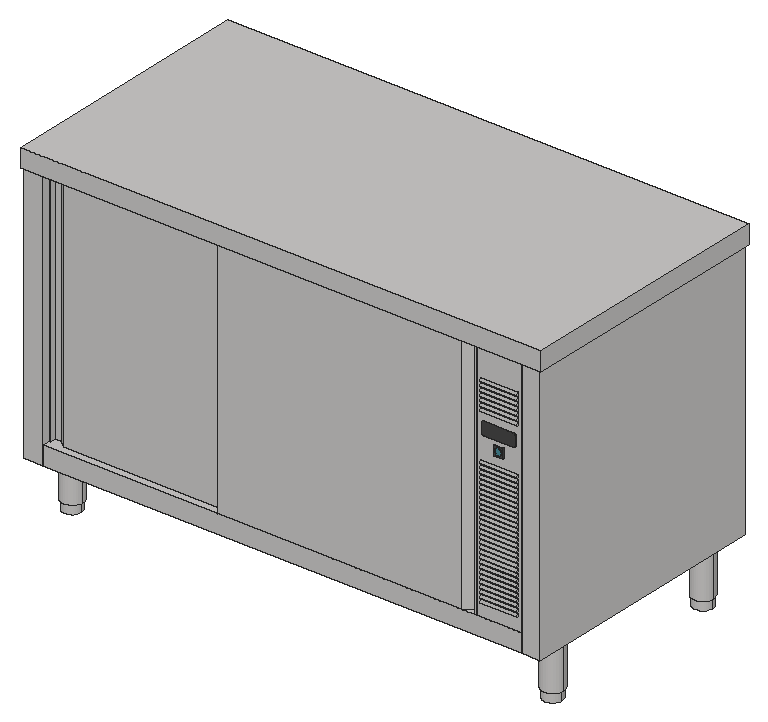
Revit family "QF_ZANUSSI_132787_MTC1400PN", category Attrezzature speciali, Revit 2020
Family settings
  Quota connettore circolare = Usa diametro
  Tipo di parte = Normale
  Basato su piano di lavoro = No
  Sempre verticale = Sì
  Taglio con vuoti quando caricato = No
  Condiviso = No
  Punto di calcolo locali = No
Parameters (values of type "Standard")
  Weight = 60.00 kg
  Watts = 2400 W
  Volts = 220 V
  URL Manufacturer = "http://www.zanussiprofessional.com"
  URL = "http://www.zanussiprofessional.com"
  Steam Supply Size = 0 mm
  Steam Supply Minimum Pressure = 0.0 Pa
  Steam Supply Maximum Pressure = 0.0 Pa
  Steam Consumption per Hour = 0
  Refrigeration Suction Line Size = 0.0 mm
  Refrigeration Liquid Line Size = 0.0 mm
  Refrigerant Compressor Remote = yes
  Prospetto di default = 0.0 mm
  Produttore = "Zanussi"
  Phase = 1
  Modello = "MTC1400PN"
  Length Actual = 1400.0 mm  # constant formula
  Item Number = "132787"
  Hot Water Size = 0 mm
  Height Actual = 900.0 mm  # constant formula
  HP = "3.2 HP"
  Gas Size = 0 mm
  Gas KW = 0
  Gas Input Pressure = 0 W
  Direct Waste Size = 0 mm
  Descrizione = "HOT CUPB.VENTIL.+SHELF+SLIDING D. 1400MM"
  Depth Actual = 700.0 mm  # constant formula
  Cycle = 50 Hz
  Condensate Return Size = 0 mm
  Compressed Air Volume = 0.0 L/s
  Compressed Air Size = 0 mm
  Compressed Air Pressure = 0.0 Pa
  Cold Water Size = 0 mm
  Accessory = yes
Reference planes
  plane 1 "Center (Front/Back)": y = 0
  plane 2: z = 0
  plane 3 "Center (Left/Right)": x = -200
  plane 4 "LEFT": x = -900
  plane 5 "RIGHT": x = 500
  plane 6 "BACK": y = 350
  plane 7 "FRONT": y = -350
  plane 8 "Base": z = 850
  plane 9 "TOP": z = 900
  plane 10: x = -846.5
  plane 11: x = 446.5
  plane 12: y = 264.5
  plane 13: y = -241.5
  plane 14 "BodyLeft": x = -894.5
  plane 15 "BodyFront": y = -344.5
  plane 16 "BodyRight": x = 494.5
  plane 17 "BodyBack": y = 344.5
  plane 18 "FEET": z = 150
  plane 19: x = 324.5
  plane 20: x = -261
  plane 21: x = 444.5
  plane 22 "EIx": x = 400
  plane 23 "EIy": y = -170
Forms (mm)
  Extrusion 1, solid, material "QF_Finishes_Stainless Steel"
    sketch origin (-200, 0, 0) x (0, 1, 0) y (0, 0, 1)
      loop
        line (-350, 850) -> (350, 850) -> (350, 900) -> (-350, 900) -> (-350, 850)
    from 700 to -700
  Extrusion 2, solid, material "QF_Finishes_Stainless Steel"
    sketch origin (0, 0, 150) x (-1, 0, 0) y (0, -1, 0)
      loop
        line (894.5, -344.5) -> (894.5, 344.5) -> (844.5, 344.5) -> (844.5, -344.5) -> (894.5, -344.5)
      loop
        line (-444.5, -344.5) -> (-444.5, 344.5) -> (-494.5, 344.5) -> (-494.5, -344.5) -> (-444.5, -344.5)
    from 0 to 700
  Extrusion 3, solid, material "QF_Finishes_Stainless Steel"
    sketch origin (0, 0, 150) x (-1, 0, 0) y (0, -1, 0)
      loop
        line (844.5, -344.5) -> (844.5, 344.5) -> (-444.5, 344.5) -> (-444.5, -344.5) -> (844.5, -344.5)
    from 0 to 50
  Extrusion 4, solid, material "QF_Finishes_Stainless Steel"
    sketch origin (-1, 0, 150) x (-1, 0, 0) y (0, -1, 0)
      loop
        line (-325.5, 344.5) -> (-325.5, 324.5) -> (370.5, 324.5) -> (370.5, 344.5) -> (-285.5, 344.5) -> (-305.5, 329.5) -> (-320.5, 329.5) -> (-320.5, 344.5) -> (-325.5, 344.5)
    from 50 to 700
  Extrusion 5, solid, material "QF_Finishes_Stainless Steel"
    sketch origin (1, 20, 150) x (1, 0, 0) y (0, 1, 0)
      loop
        line (-845.5, -344.5) -> (-840.5, -344.5) -> (-840.5, -329.5) -> (-825.5, -329.5) -> (-805.5, -344.5) -> (-151.5, -344.5) -> (-151.5, -324.5) -> (-845.5, -324.5) -> (-845.5, -344.5)
    from 50 to 700
  Extrusion 6, solid, material "QF_Finishes_Stainless Steel"
    sketch origin (0, 0, 0) x (1, 0, 0) y (0, 1, 0)
      loop
        line (-844.5, -304.5) -> (324.5, -304.5) -> (324.5, 324.5) -> (-844.5, 324.5) -> (-844.5, -304.5)
    from 500 to 540
  Extrusion 7, solid, material "QF_Finishes_Stainless Steel"
    sketch origin (0, 0, 0) x (1, 0, 0) y (0, 1, 0)
      loop
        line (444.5, 344.5) -> (-844.5, 344.5) -> (-844.5, 324.5) -> (444.5, 324.5) -> (444.5, 344.5)
    from 200 to 850
  Extrusion 8, solid, material "QF_Finishes_Stainless Steel"
    sketch origin (0, 0, 150) x (-1, 0, 0) y (0, -1, 0)
      loop
        circle (-400, 170) r 10
    from 0 to -5
Cuts and joins
  joined: Extrusion 3, Extrusion 7
Lines and regions (mm)
  symbolic lines
    curve 1: line (500, 350, 900) -> (-900, 350, 900)
    curve 2: line (-900, 350, 900) -> (-900, -350, 900)
    curve 3: line (-900, -350, 900) -> (500, -350, 900)
    curve 4: line (500, -350, 900) -> (500, 350, 900)
  symbolic lines, style "SpecialityEquipmentHiddenLines"
    curve 5: line (-894.5, 344.5, 150) -> (494.5, 344.5, 150)
    curve 6: line (-894.5, -344.5, 150) -> (-894.5, 344.5, 150)
    curve 7: line (494.5, -344.5, 150) -> (-894.5, -344.5, 150)
    curve 8: line (494.5, 344.5, 150) -> (494.5, -344.5, 150)
    curve 9: line (-845.5, -304.5, 150) -> (-149.5, -304.5, 150)
    curve 10: line (-149.5, -304.5, 150) -> (-149.5, -324.5, 150)
    curve 11: line (-845.5, -324.5, 150) -> (444.5, -324.5, 150)
    curve 12: line (444.5, -324.5, 150) -> (444.5, -344.5, 150)
    curve 13: line (-845.5, -304.5, 150) -> (-845.5, -324.5, 150)
    curve 14: line (-371.5, -344.5, 0) -> (-371.5, -324.5, 0)
Dimensions and locks
  plane 4 "LEFT" to plane 5 "RIGHT" = 1400.0 mm
  equal spacing: plane 4 "LEFT", plane 3 "Center (Left/Right)", plane 5 "RIGHT"
  locked: plane 8 "Base" to level at 850
  plane 9 "TOP" to level = 900.0 mm
  plane 6 "BACK" to plane 7 "FRONT" = 700.0 mm
  equal spacing: plane 6 "BACK", plane 1 "Center (Front/Back)", plane 7 "FRONT"
  locked: plane 4 "LEFT" to plane 14 "BodyLeft" at 5.5
  locked: plane 16 "BodyRight" to plane 5 "RIGHT" at 5.5
  locked: plane 15 "BodyFront" to plane 7 "FRONT" at 5.5
  locked: plane 6 "BACK" to plane 17 "BodyBack" at 5.5
  locked: plane 14 "BodyLeft" to plane 10 at 48
  locked: plane 11 to plane 16 "BodyRight" at 48
  locked: plane 13 to plane 15 "BodyFront" at 103
  locked: plane 17 "BodyBack" to plane 12 at 80
  plane 10 to plane 11 = 1293.0 mm
  plane 12 to plane 13 = 506.0 mm
  locked: plane 14 "BodyLeft" to Extrusion 2 sketch curve at 50
  locked: Extrusion 2 sketch curve to Extrusion 2 sketch curve at 50
  equal spacing: plane 10, plane 20, plane 19
  locked: plane 21 to plane 16 "BodyRight" at 50
  locked: plane 19 to plane 21 at 120
  locked: Extrusion 4 sketch curve to plane 20 at 110.5
  locked: plane 20 to Extrusion 5 sketch curve at 110.5
  locked: plane 18 "FEET" to level at 150
  locked: plane 22 "EIx" to plane 5 "RIGHT" at 100
  plane 23 "EIy" to plane 7 "FRONT" = 180.0 mm
  aligned and locked: level to plane 2
  aligned and locked: plane 10 to nested 1
  aligned and locked: nested 1 to plane 13
  aligned and locked: plane 11 to nested 2
  aligned and locked: nested 2 to plane 13
  aligned and locked: plane 11 to nested 4
  aligned and locked: nested 4 to plane 12
  aligned and locked: plane 10 to nested 3
  aligned and locked: nested 3 to plane 12
  aligned and locked: Extrusion 1 to plane 4 "LEFT"
  aligned and locked: plane 5 "RIGHT" to Extrusion 1
  aligned and locked: curve 2 to plane 4 "LEFT"
  aligned and locked: plane 17 "BodyBack" to Extrusion 2 sketch curve
  aligned and locked: Extrusion 2 sketch curve to plane 15 "BodyFront"
  aligned and locked: Extrusion 2 sketch curve to plane 14 "BodyLeft"
  aligned and locked: plane 16 "BodyRight" to Extrusion 2 sketch curve
  aligned and locked: Extrusion 2 sketch curve to plane 17 "BodyBack"
  aligned and locked: plane 15 "BodyFront" to Extrusion 2 sketch curve
  aligned and locked: Extrusion 3 sketch curve to plane 17 "BodyBack"
  aligned and locked: plane 15 "BodyFront" to Extrusion 3 sketch curve
  aligned and locked: plane 8 "Base" to Extrusion 2
  aligned and locked: plane 8 "Base" to Extrusion 4
  aligned and locked: Extrusion 4 to Extrusion 3
  aligned and locked: Extrusion 1 to plane 8 "Base"
  aligned and locked: plane 9 "TOP" to Extrusion 1
  aligned and locked: curve 5 to plane 17 "BodyBack"
  aligned and locked: plane 14 "BodyLeft" to curve 6
  aligned and locked: plane 15 "BodyFront" to curve 7
  aligned and locked: plane 16 "BodyRight" to curve 8
  aligned and locked: Extrusion 3 to Extrusion 2  (x2)
  aligned and locked: Extrusion 6 sketch curve to Extrusion 2
  aligned and locked: Extrusion 6 sketch curve to Extrusion 5
  aligned and locked: nested 5 to plane 21
  aligned and locked: Extrusion 7 sketch curve to Extrusion 2
  aligned and locked: Extrusion 6 sketch curve to plane 19
Automatic sketch dimensions
  curve 14 to plane 15 "BodyFront" = 0.0 mm
  plane 15 "BodyFront" to curve 14 = 20.0 mm
  curve 14 to plane 20 = 110.5 mm
  curve 3 to plane 7 "FRONT" = 0.0 mm
  curve 4 to plane 6 "BACK" = 0.0 mm
  Extrusion 1 sketch curve to plane 7 "FRONT" = 0.0 mm
  Extrusion 1 sketch curve to plane 6 "BACK" = 0.0 mm
  Extrusion 1 sketch curve to plane 8 "Base" = 0.0 mm
  Extrusion 1 sketch curve to plane 9 "TOP" = 0.0 mm
  Extrusion 3 sketch curve to plane 21 = 0.0 mm
  plane 10 to Extrusion 3 sketch curve = 2.0 mm
  Extrusion 4 sketch curve to plane 19 = 0.0 mm
  Extrusion 4 sketch curve to plane 15 "BodyFront" = 0.0 mm  (x2)
  Extrusion 4 sketch curve to Extrusion 4 sketch curve = 5.0 mm
  Extrusion 4 sketch curve to Extrusion 4 sketch curve = 15.0 mm  (x2)
  Extrusion 4 sketch curve to Extrusion 4 sketch curve = 20.0 mm  (x2)
  Extrusion 5 sketch curve to plane 15 "BodyFront" = 20.0 mm  (x2)
  Extrusion 5 sketch curve to plane 10 = 42.0 mm
  Extrusion 5 sketch curve to plane 10 = 22.0 mm
  Extrusion 5 sketch curve to plane 10 = 7.0 mm
  Extrusion 5 sketch curve to plane 10 = 2.0 mm
  Extrusion 5 sketch curve to Extrusion 5 sketch curve = 15.0 mm
  Extrusion 5 sketch curve to Extrusion 5 sketch curve = 20.0 mm
  curve 12 to plane 21 = 0.0 mm
  curve 7 to plane 15 "BodyFront" = 0.0 mm
  plane 3 "Center (Left/Right)" to curve 9 = 50.5 mm
  plane 10 to curve 11 = 1.0 mm
  plane 15 "BodyFront" to curve 9 = 40.0 mm
  curve 11 to curve 12 = 20.0 mm
  plane 12 to Extrusion 6 sketch curve = 60.0 mm
  Extrusion 7 sketch curve to plane 17 "BodyBack" = 0.0 mm
  Extrusion 7 sketch curve to plane 21 = 0.0 mm
  Extrusion 7 sketch curve to plane 17 "BodyBack" = 20.0 mm
  curve 4 to plane 5 "RIGHT" = 0.0 mm
  Extrusion 8 sketch curve to plane 22 "EIx" = 0.0 mm
  Extrusion 8 sketch curve to plane 23 "EIy" = 0.0 mm
  radius of Extrusion 8 sketch curve = 10.0 mm
Nested families
  nested 1: "FEET_D58-150" at (-846.5, -241.5, 0), type "FEET_D58-150"
  nested 2: "FEET_D58-150" at (446.5, -241.5, 0), type "FEET_D58-150"
  nested 3: "FEET_D58-150" at (-846.5, 264.5, 0), type "FEET_D58-150"
  nested 4: "FEET_D58-150" at (446.5, 264.5, 0), type "FEET_D58-150"
  nested 5: "WT_PNL120x650" at (531.42, -304.5, 600) x (1, 0, 0) z (0, -1, 0), type "WT_PNL120x650"
    with Show Logo yes
Connectors
  electrical at (400, -170, 145)
    settings: on Extrusion 8, index 1, voltage 0 V, apparent load 0 VA, apparent load phase1 0 VA, apparent load phase2 0 VA, apparent load phase3 0 VA, power factor 1, load classification "Other", number of poles 1, system type 30, power factor state 1, is connector primary yes, connector utility no, sub classification motor no, connector description "Electrical connection"
Definition of nested family "FEET_D58-150"
  Parameters
    Default Elevation = 0.0 mm
    FEET = 150.0 mm
  Reference planes
    plane 1 "Center (Front/Back)": y = 0
    plane 2: z = 0
    plane 3 "Center (Left/Right)": x = 0
    plane 4: z = 150
  Forms (mm)
    Extrusion 1, solid
      sketch origin (0, 0, 0) x (1, 0, 0) y (0, 1, 0)
        loop
          circle (0, 0) r 25
      from 0 to 25
    Extrusion 2, solid
      sketch origin (0, 0, 0) x (1, 0, 0) y (0, 1, 0)
        loop
          circle (0.061, 0) r 29
      from 25 to 150 <- "FEET"
  Lines and regions (mm)
    symbolic lines
      curve 1: line (0, -1.503, 0) -> (0, 1.508, 0)
      curve 2: line (1.561, 0, 0) -> (-1.439, 0, 0)
  Dimensions and locks
    "FEET": plane 4 to plane 2
    aligned and locked: level to plane 2
  Automatic sketch dimensions
    plane 1 "Center (Front/Back)" to Extrusion 1 sketch curve = 0.0 mm
    Extrusion 1 sketch curve to plane 3 "Center (Left/Right)" = 0.0 mm
    plane 1 "Center (Front/Back)" to curve 2 = 0.0 mm
    curve 1 to plane 3 "Center (Left/Right)" = 0.0 mm
    curve 2 to plane 3 "Center (Left/Right)" = 1.439 mm
    plane 3 "Center (Left/Right)" to curve 2 = 1.561 mm
    plane 1 "Center (Front/Back)" to curve 1 = 1.503 mm
    curve 1 to plane 1 "Center (Front/Back)" = 1.508 mm
    plane 1 "Center (Front/Back)" to Extrusion 2 sketch curve = 0.0 mm
    plane 3 "Center (Left/Right)" to Extrusion 2 sketch curve = 0.061 mm
    radius of Extrusion 1 sketch curve = 25.0 mm
    radius of Extrusion 2 sketch curve = 29.0 mm
Definition of nested family "WT_PNL120x650"
  Parameters
    Show Logo [instance] = yes
    Default Elevation = 1219.2 mm
  Reference planes
    plane 1 "Center (Front/Back)": y = -75
    plane 2: z = 0
    plane 3 "Center (Left/Right)": x = -146.92
    plane 4: x = -206.92
    plane 5: x = -86.92
    plane 6: y = 250
    plane 7: y = -400
    plane 8 "TOP": z = 40
  Forms (mm)
    Extrusion 1, solid
      sketch origin (0, 0, 0) x (1, 0, 0) y (0, 1, 0)
        loop
          line (-1219.2, 1219.2) -> (-1219.2, -1219.2) -> (1219.2, -1219.2) -> (1219.2, 1219.2) -> (-1219.2, 1219.2)
      from 0 to -304.8
    Extrusion 2, solid
      sketch origin (0, 0, 0) x (1, 0, 0) y (0, 1, 0)
        loop
          line (-206.92, 250) -> (-206.92, -400) -> (-86.92, -400) -> (-86.92, 250) -> (-206.92, 250)
      from 0 to 40
    Extrusion 3, void
      sketch origin (0, 0, 40) x (-1, 0, 0) y (0, -1, 0)
        loop
          arc (101.92, -68.899) -> (103.795, -73.256) -> (108.247, -74.89) r 6
          line (108.247, -74.89) -> (185.92, -74.89)
          arc (185.92, -74.89) -> (190.163, -73.133) -> (191.92, -68.89) r 6
          line (191.92, -68.89) -> (191.92, -45.89)
          arc (191.92, -45.89) -> (190.163, -41.648) -> (185.92, -39.89) r 6
          line (185.92, -39.89) -> (107.92, -39.89)
          arc (107.92, -39.89) -> (103.677, -41.648) -> (101.92, -45.89) r 6
          line (101.92, -45.89) -> (101.92, -68.899)
        loop
          line (158.92, -27.89) -> (158.92, -2.89) -> (134.92, -2.89) -> (134.92, -27.89) -> (158.92, -27.89)
      from -2 to 0
    Extrusion 4, solid
      sketch origin (0, 0, 40) x (-1, 0, 0) y (0, -1, 0)
        loop
          line (185.92, -39.89) -> (107.92, -39.89)
          arc (107.92, -39.89) -> (103.677, -41.648) -> (101.92, -45.89) r 6
          line (101.92, -45.89) -> (101.92, -68.899)
          arc (101.92, -68.899) -> (103.795, -73.256) -> (108.247, -74.89) r 6
          line (108.247, -74.89) -> (185.92, -74.89)
          arc (185.92, -74.89) -> (190.163, -73.133) -> (191.92, -68.89) r 6
          line (191.92, -68.89) -> (191.92, -45.89)
          arc (191.92, -45.89) -> (190.163, -41.648) -> (185.92, -39.89) r 6
      from -2 to 1
    Extrusion 5, solid
      sketch origin (-146.92, 0, 0) x (0, 1, 0) y (0, 0, 1)
        loop
          line (95.896, 40) -> (104.899, 40) -> (95.896, 41.206) -> (95.896, 40)
        loop
          line (107.896, 40) -> (116.899, 40) -> (107.896, 41.206) -> (107.896, 40)
        loop
          line (119.896, 40) -> (128.899, 40) -> (119.896, 41.206) -> (119.896, 40)
        loop
          line (131.896, 40) -> (140.899, 40) -> (131.896, 41.206) -> (131.896, 40)
        loop
          line (143.896, 40) -> (152.899, 40) -> (143.896, 41.206) -> (143.896, 40)
        loop
          line (155.896, 40) -> (164.899, 40) -> (155.896, 41.206) -> (155.896, 40)
        loop
          line (167.896, 40) -> (176.899, 40) -> (167.896, 41.206) -> (167.896, 40)
        loop
          line (-102.104, 40) -> (-93.101, 40) -> (-102.104, 41.206) -> (-102.104, 40)
        loop
          line (-90.104, 40) -> (-81.101, 40) -> (-90.104, 41.206) -> (-90.104, 40)
        loop
          line (-78.104, 40) -> (-69.101, 40) -> (-78.104, 41.206) -> (-78.104, 40)
        loop
          line (-66.104, 40) -> (-57.101, 40) -> (-66.104, 41.206) -> (-66.104, 40)
        loop
          line (-54.104, 40) -> (-45.101, 40) -> (-54.104, 41.206) -> (-54.104, 40)
        loop
          line (-42.104, 40) -> (-33.101, 40) -> (-42.104, 41.206) -> (-42.104, 40)
        loop
          line (-30.104, 40) -> (-21.101, 40) -> (-30.104, 41.206) -> (-30.104, 40)
        loop
          line (-174.104, 40) -> (-165.101, 40) -> (-174.104, 41.206) -> (-174.104, 40)
        loop
          line (-162.104, 40) -> (-153.101, 40) -> (-162.104, 41.206) -> (-162.104, 40)
        loop
          line (-150.104, 40) -> (-141.101, 40) -> (-150.104, 41.206) -> (-150.104, 40)
        loop
          line (-138.104, 40) -> (-129.101, 40) -> (-138.104, 41.206) -> (-138.104, 40)
        loop
          line (-126.104, 40) -> (-117.101, 40) -> (-126.104, 41.206) -> (-126.104, 40)
        loop
          line (-114.104, 40) -> (-105.101, 40) -> (-114.104, 41.206) -> (-114.104, 40)
        loop
          line (-246.104, 40) -> (-237.101, 40) -> (-246.104, 41.206) -> (-246.104, 40)
        loop
          line (-234.104, 40) -> (-225.101, 40) -> (-234.104, 41.206) -> (-234.104, 40)
        loop
          line (-222.104, 40) -> (-213.101, 40) -> (-222.104, 41.206) -> (-222.104, 40)
        loop
          line (-210.104, 40) -> (-201.101, 40) -> (-210.104, 41.206) -> (-210.104, 40)
        loop
          line (-198.104, 40) -> (-189.101, 40) -> (-198.104, 41.206) -> (-198.104, 40)
        loop
          line (-186.104, 40) -> (-177.101, 40) -> (-186.104, 41.206) -> (-186.104, 40)
        loop
          line (-318.104, 40) -> (-309.101, 40) -> (-318.104, 41.206) -> (-318.104, 40)
        loop
          line (-306.104, 40) -> (-297.101, 40) -> (-306.104, 41.206) -> (-306.104, 40)
        loop
          line (-294.104, 40) -> (-285.101, 40) -> (-294.104, 41.206) -> (-294.104, 40)
        loop
          line (-282.104, 40) -> (-273.101, 40) -> (-282.104, 41.206) -> (-282.104, 40)
        loop
          line (-270.104, 40) -> (-261.101, 40) -> (-270.104, 41.206) -> (-270.104, 40)
        loop
          line (-258.104, 40) -> (-249.101, 40) -> (-258.104, 41.206) -> (-258.104, 40)
        loop
          line (-366.104, 40) -> (-357.101, 40) -> (-366.104, 41.206) -> (-366.104, 40)
        loop
          line (-354.104, 40) -> (-345.101, 40) -> (-354.104, 41.206) -> (-354.104, 40)
        loop
          line (-342.104, 40) -> (-333.101, 40) -> (-342.104, 41.206) -> (-342.104, 40)
        loop
          line (-330.104, 40) -> (-321.101, 40) -> (-330.104, 41.206) -> (-330.104, 40)
      from -50 to 50
    Extrusion 6, solid
      sketch origin (0, 0, 40) x (-1, 0, 0) y (0, -1, 0)
        loop
          line (134.92, -27.89) -> (158.92, -27.89) -> (158.92, -2.89) -> (134.92, -2.89) -> (134.92, -27.89)
        loop
          circle (146.92, -15.39) r 9
      from -2 to 3
    Extrusion 7, solid
      sketch origin (0, 0, 40) x (-1, 0, 0) y (0, -1, 0)
        loop
          circle (146.92, -15.39) r 9
      from 0 to 3
  Cuts and joins
    Extrusion 3 cuts Extrusion 2
  Dimensions and locks
    equal spacing: plane 6, plane 1 "Center (Front/Back)", plane 7
    equal spacing: plane 4, plane 3 "Center (Left/Right)", plane 5
    plane 8 "TOP" to level = 40.0 mm
    aligned and locked: plane 2 to Extrusion 1
    aligned and locked: level to Extrusion 1
  Automatic sketch dimensions
    Extrusion 1 sketch curve to Extrusion 1 sketch curve = 2438.4 mm  (x2)
    Extrusion 2 sketch curve to plane 4 = 0.0 mm
    Extrusion 2 sketch curve to plane 5 = 0.0 mm
    Extrusion 2 sketch curve to plane 7 = 0.0 mm
    Extrusion 2 sketch curve to plane 6 = 0.0 mm
    Extrusion 5 sketch curve to plane 8 "TOP" = 0.0 mm  (x36)
    Extrusion 5 sketch curve to Extrusion 5 sketch curve = 9.003 mm  (x35)
    plane 8 "TOP" to Extrusion 5 sketch curve = 1.206 mm  (x22)
    Extrusion 5 sketch curve to Extrusion 5 sketch curve = 2.997 mm  (x33)
    plane 1 "Center (Front/Back)" to Extrusion 5 sketch curve = 6.101 mm
    plane 1 "Center (Front/Back)" to Extrusion 5 sketch curve = 3.104 mm
    Extrusion 5 sketch curve to plane 1 "Center (Front/Back)" = 5.899 mm
    Extrusion 5 sketch curve to Extrusion 5 sketch curve = 116.997 mm
    Extrusion 5 sketch curve to Extrusion 5 sketch curve = 1.206 mm  (x14)
    Extrusion 4 sketch curve to plane 5 = 15.0 mm
    Extrusion 4 sketch curve to Extrusion 4 sketch curve = 6.0 mm  (x3)
    Extrusion 4 sketch curve to Extrusion 4 sketch curve = 0.327 mm
    plane 4 to Extrusion 4 sketch curve = 21.0 mm  (x2)
    Extrusion 4 sketch curve to plane 1 "Center (Front/Back)" = 149.89 mm
    Extrusion 4 sketch curve to Extrusion 4 sketch curve = 23.009 mm
    Extrusion 3 sketch curve to plane 5 = 15.0 mm
    Extrusion 3 sketch curve to Extrusion 3 sketch curve = 6.0 mm  (x3)
    Extrusion 3 sketch curve to Extrusion 3 sketch curve = 0.327 mm
    plane 3 "Center (Left/Right)" to Extrusion 3 sketch curve = 12.0 mm
    Extrusion 3 sketch curve to plane 3 "Center (Left/Right)" = 12.0 mm
    plane 4 to Extrusion 3 sketch curve = 21.0 mm  (x2)
    Extrusion 3 sketch curve to plane 1 "Center (Front/Back)" = 149.89 mm
    Extrusion 3 sketch curve to Extrusion 3 sketch curve = 23.0 mm
    Extrusion 3 sketch curve to Extrusion 3 sketch curve = 12.0 mm
    Extrusion 3 sketch curve to Extrusion 3 sketch curve = 25.0 mm
    Extrusion 6 sketch curve to plane 3 "Center (Left/Right)" = 0.0 mm
    plane 3 "Center (Left/Right)" to Extrusion 6 sketch curve = 12.0 mm
    Extrusion 6 sketch curve to plane 3 "Center (Left/Right)" = 12.0 mm
    Extrusion 6 sketch curve to plane 1 "Center (Front/Back)" = 102.89 mm
    Extrusion 6 sketch curve to Extrusion 6 sketch curve = 12.5 mm  (x2)
    Extrusion 7 sketch curve to plane 3 "Center (Left/Right)" = 0.0 mm
    Extrusion 7 sketch curve to plane 1 "Center (Front/Back)" = 90.39 mm
    radius of Extrusion 6 sketch curve = 9.0 mm
    radius of Extrusion 7 sketch curve = 9.0 mm
